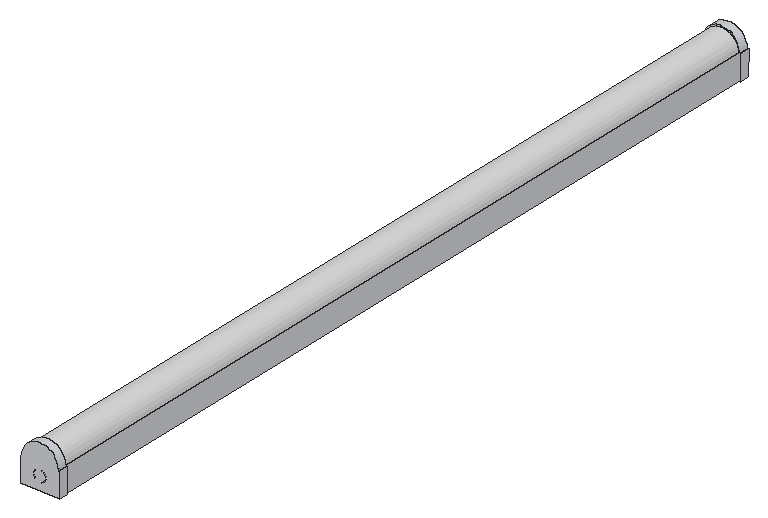
Revit family "0048927", category Lighting Fixtures, host Face, Revit 2017
Family settings
  Host = Face
  Round Connector Dimension = Use Diameter
  Part Type = Normal
  OmniClass Number = 23.80.70.00
  OmniClass Title = Lighting
  Cut with Voids When Loaded = No
  Light Source = Yes
  Shared = No
  Room Calculation Point = No
Parameters (values of type "0048927 WAYLINE 1500 DALI 8300LM 840")
  Weight = "8.0 kg"
  Wattage Comments = ""
  Wattage = 60 W
  WarrantyStartDate [instance] = "n/a"
  WarrantyGuarantorParts = "n/a"
  WarrantyDurationUnit = "n/a"
  WarrantyDurationParts = "n/a"
  WarrantyDescription = "n/a"
  WIDTH/2_SYL = 35 mm
  built-in parameter 1150110 = 1 (stored number, unit not read)
  Voltage = 0 V
  URL = "http://www.sylvania-lighting.com"
  TypeName = "Wayline 1500 DALI 8300lm 840"
  Type Image = <None>
  Type Comments = "n/a"
  built-in parameter 1114217 = 1 (stored number, unit not read)
  Tilt Angle = -90.00°
  built-in parameter 1150109 = 1 (stored number, unit not read)
  built-in parameter 1150134 = 12
  built-in parameter 1150113 = 1 (stored number, unit not read)
  SerialNumber [instance] = "n/a"
  R_HEIGHT_SYL = 44 mm
  Photometric Web File = "0048927.ies"
  Material_3_SYL = none
  PowerFactor = 0.9
  PowerConsumption = "60 W"
  NominalLength = 1523 mm
  NominalHeight = 76.5 mm
  NominalDepth = 70 mm
  Name = "Wayline 1500 DALI 8300lm 840"
  ModelReference = Name  # "Wayline 1500 DALI 8300lm 840"
  ModelNumber = "48927"
  Model = Name  # "Wayline 1500 DALI 8300lm 840"
  Material = "steel housing, pc polycarbonate diffuser"
  ManufacturerName = "Feilo Sylvania"
  Manufacturer = "Feilo Sylvania"
  LuminousEfficacy = "138 lm/W"
  built-in parameter 1150105 = -17814585.6 (stored number, unit not read)
  Lumens = 8280 lm
  LuminaireType = ""
  built-in parameter 1150115 = 1 (stored number, unit not read)
  LightOutputRatio = "n/a"
  built-in parameter 1150137 = (empty or 0)
  built-in parameter 1150139 = (empty or 0)
  LampsType = Lamp  # "LED"
  LampNominalLuminous = "8300 lm"
  LampMacAdamStep = "5"
  LampColourTemperature = "4000 K"
  LampColourRenderingIndex = "80"
  built-in parameter 1150112 = 1 (stored number, unit not read)
  built-in parameter 1150114 = 1 (stored number, unit not read)
  Lamp = "LED"
  LUM_R_SYL = 30 mm
  Keynote = "16500"
  InstallationDate [instance] = "n/a"
  InputVoltage = "n/a"
  InputNominalFrequency = "n/a"
  built-in parameter 1150132 = (empty or 0)
  built-in parameter 1150102 = (empty or 0)
  built-in parameter 1150107 = 4000 (stored number, unit not read)
  built-in parameter 1150138 = (empty or 0)
  IngressProtection = "IP20"
  ImpactProtectionIndex = "IK08"
  built-in parameter 1150106 = -178145.9 (stored number, unit not read)
  IfcExportType = "IfcLightFixtureType"
  IfcExportAs = "IfcLightFixtureType"
  HOLE_HEIGHT_SYL = 24 mm
  HEIGHT_SYL = 76.5 mm
  GAP_SYL = 2.5 mm
  Emit from Circle Diameter = 609.6 mm
  Emit Shape Visible in Rendering = no
  ElectricShockClassification = "Class I"
  built-in parameter 1150104 = 12.821 (stored number, unit not read)
  DocumentationLiterature = "http://www.sylvania-lighting.com/product/en-int/products/0048927"
  DimmingControlOptions = "n/a"
  Material_2_SYL = none
  Dimming Lamp Color Temperature Shift = <None>
  Description = "LED batten, T8 replacement, ease of installation through 2 part push-in design of the housing (safety cable included), through wiring capability, steel housing, 8300lm, 60W, 138lm/W, 4000K, CRI80, 3 step MacAdam ellipse, symmetric wide beam angle, Class I, 90000 hrs L80B20 lifespan, DALI dimmable driver, IK08, IP20, 1523 x 70 x 76.5mm (LxWxD) dimensions, 2kg weight."
  Default Elevation = 1219.2 mm
  CreatedOn = "5/25/2021"
  CreatedBy = "@sylvania-lighting.com"
  Cost = 0
  Color Filter = 16777215
  built-in parameter 1114216 [instance] = (empty or 0)
  ClassificationValue = "EF_70_80"
  ClassificationName = "Uniclass2015"
  Material_1_SYL = Dynamo
  BarCode [instance] = "n/a"
  built-in parameter 1114218 = 1 (stored number, unit not read)
  built-in parameter 1150133 = 10 (stored number, unit not read)
  AssetType = "Fixed"
  AssetIdentifier [instance] = "n/a"
  Assembly Code = "D5020200"
  Apparent Load = 60 VA
  Material_4_SYL = none
Types (8, lengths in mm): name | Weight | Wattage | TypeName | Photometric Web File | PowerFactor | PowerConsumption | Name | ModelReference | ModelNumber | Model | LuminousEfficacy | built-in parameter 1150105 | Lumens | LampNominalLuminous | built-in parameter 1150106 | built-in parameter 1150104 | DocumentationLiterature | Description | Apparent Load
  0048954 WAYLINE 1500 MWCOR 5200LM 840 | "8.28 kg" | 38 W | "Wayline 1500 MWCOR 5200lm 840" | "0048954.ies" | 0.9 | "38 W" | "Wayline 1500 MWCOR 5200lm 840" | "Wayline 1500 MWCOR 5200lm 840" | "48954" | "Wayline 1500 MWCOR 5200lm 840" | "137 lm/W" | -7017375.6 (stored number, unit not read) | 5206 lm | "5200 lm" | -70173.8 (stored number, unit not read) | 12.728 (stored number, unit not read) | "http://www.sylvania-lighting.com/product/en-int/products/0048954" | "LED batten, T8 replacement, ease of installation through 2 part push-in design of the housing (safety cable included), through wiring capability, steel housing, 5200lm, 38W, 137lm/W, 4000K, CRI80, 3 step MacAdam ellipse, symmetric wide beam angle, Class I, 90000 hrs L80B20 lifespan, non-dimmable driver, corridor function with microwave presence sensor, IK08, IP20, 1523 x 70 x 76.5mm  (L x W x H) dimensions, 2.07kg." | 38 VA
  0048935 WAYLINE 1500 MW 8400LM 840 | "7.76 kg" | 61 W | "Wayline 1500 MW 8400lm 840" | "0048935.ies" | 0.9 | "61 W" | "Wayline 1500 MW 8400lm 840" | "Wayline 1500 MW 8400lm 840" | "48935" | "Wayline 1500 MW 8400lm 840" | "138 lm/W" | -18329689.9 (stored number, unit not read) | 8418 lm | "8400 lm" | -183296.9 (stored number, unit not read) | 12.821 (stored number, unit not read) | "http://www.sylvania-lighting.com/product/en-int/products/0048935" | "LED batten, T8 replacement, ease of installation through 2 part push-in design of the housing (safety cable included), through wiring capability, steel housing, 8400lm, 61W, 138lm/W, 4000K, CRI80, 3 step MacAdam ellipse, symmetric wide beam angle, Class I, 90000 hrs L80B20 lifespan, non-dimmable driver, MW sensor for 360° detection up to 8m range at 6m mounting height, IK08, IP20, 1523 x 70 x 76.5mm (LxWxD) dimensions, 1.94kg weight." | 61 VA
  0048934 WAYLINE 1500 MW 5200LM 840 | "7.16 kg" | 37 W | "Wayline 1500 MW 5200lm 840" | "0048934.ies" | 0.9 | "37 W" | "Wayline 1500 MW 5200lm 840" | "Wayline 1500 MW 5200lm 840" | "48934" | "Wayline 1500 MW 5200lm 840" | "141 lm/W" | -7032203 (stored number, unit not read) | 5217 lm | "5200 lm" | -70322 (stored number, unit not read) | 13.099 (stored number, unit not read) | "http://www.sylvania-lighting.com/product/en-int/products/0048934" | "LED batten, T8 replacement, ease of installation through 2 part push-in design of the housing (safety cable included), through wiring capability, steel housing, 5200lm, 37W, 141lm/W, 4000K, CRI80, 3 step MacAdam ellipse, symmetric wide beam angle, Class I, 90000 hrs L80B20 lifespan, non-dimmable driver, MW sensor for 360° detection up to 8m range at 6m mounting height, IK08, IP20, 1523 x 70 x 76.5mm (LxWxD) dimensions, 1.79kg weight." | 37 VA
  0048931 WAYLINE 1500 8400LM 840 EM | "9.16 kg" | 64 W | "Wayline 1500 8400lm 840 EM" | "0048931.ies" | 1 | "64 W" | "Wayline 1500 8400lm 840 EM" | "Wayline 1500 8400lm 840 EM" | "48931" | "Wayline 1500 8400lm 840 EM" | "131 lm/W" | -18255657 (stored number, unit not read) | 8384 lm | "8400 lm" | -182556.6 (stored number, unit not read) | 12.17 (stored number, unit not read) | "http://www.sylvania-lighting.com/product/en-int/products/0048931" | "LED batten, T8 replacement, ease of installation through 2 part push-in design of the housing (safety cable included), through wiring capability, steel housing, 8400lm, 64W, 131lm/W, 4000K, CRI80, 3 step MacAdam ellipse, symmetric wide beam angle, Class I, 90000 hrs L80B20 lifespan, non-dimmable driver, 3-hour maintained emergency batteries, IK08, IP20, 1523 x 70 x 76.5mm  (L x W x H) dimensions, 2.29kg." | 64 VA
  0048930 WAYLINE 1500 5200LM 840 EM | "8.56 kg" | 41 W | "Wayline 1500 5200lm 840 EM" | "0048930.ies" | 1 | "41 W" | "Wayline 1500 5200lm 840 EM" | "Wayline 1500 5200lm 840 EM" | "48930" | "Wayline 1500 5200lm 840 EM" | "127 lm/W" | -7018723.6 (stored number, unit not read) | 5207 lm | "5200 lm" | -70187.2 (stored number, unit not read) | 11.799 (stored number, unit not read) | "http://www.sylvania-lighting.com/product/en-int/products/0048930" | "LED batten, T8 replacement, ease of installation through 2 part push-in design of the housing (safety cable included), through wiring capability, steel housing, 5200lm, 41W, 127lm/W, 4000K, CRI80, 3 step MacAdam ellipse, symmetric wide beam angle, Class I, 90000 hrs L80B20 lifespan, non-dimmable driver, 3-hour maintained emergency batteries, IK08, IP20, 1523 x 70 x 76.5mm  (L x W x H) dimensions, 2.14kg." | 41 VA
  0048927 WAYLINE 1500 DALI 8300LM 840 | "8.0 kg" | 60 W | "Wayline 1500 DALI 8300lm 840" | "0048927.ies" | 0.9 | "60 W" | "Wayline 1500 DALI 8300lm 840" | "Wayline 1500 DALI 8300lm 840" | "48927" | "Wayline 1500 DALI 8300lm 840" | "138 lm/W" | -17814585.6 (stored number, unit not read) | 8280 lm | "8300 lm" | -178145.9 (stored number, unit not read) | 12.821 (stored number, unit not read) | "http://www.sylvania-lighting.com/product/en-int/products/0048927" | "LED batten, T8 replacement, ease of installation through 2 part push-in design of the housing (safety cable included), through wiring capability, steel housing, 8300lm, 60W, 138lm/W, 4000K, CRI80, 3 step MacAdam ellipse, symmetric wide beam angle, Class I, 90000 hrs L80B20 lifespan, DALI dimmable driver, IK08, IP20, 1523 x 70 x 76.5mm (LxWxD) dimensions, 2kg weight." | 60 VA
  0048926 WAYLINE 1500 DALI 5200LM 840 | "8.0 kg" | 37 W | "Wayline 1500 DALI 5200lm 840" | "0048926.ies" | 0.9 | "37 W" | "Wayline 1500 DALI 5200lm 840" | "Wayline 1500 DALI 5200lm 840" | "48926" | "Wayline 1500 DALI 5200lm 840" | "141 lm/W" | -7032203 (stored number, unit not read) | 5217 lm | "5200 lm" | -70322 (stored number, unit not read) | 13.099 (stored number, unit not read) | "http://www.sylvania-lighting.com/product/en-int/products/0048926" | "LED batten, T8 replacement, ease of installation through 2 part push-in design of the housing (safety cable included), through wiring capability, steel housing, 5200lm, 37W, 141lm/W, 4000K, CRI80, 3 step MacAdam ellipse, symmetric wide beam angle, Class I, 90000 hrs L80B20 lifespan, DALI dimmable driver, IK08, IP20, 1523 x 70 x 76.5mm (LxWxD) dimensions, 2kg weight." | 37 VA
  0048955 WAYLINE 1500 MWCOR 8300LM 840 | "8.28 kg" | 61 W | "Wayline 1500 MWCOR 8300lm 840" | "0048955.ies" | 0.9 | "61 W" | "Wayline 1500 MWCOR 8300lm 840" | "Wayline 1500 MWCOR 8300lm 840" | "48955" | "Wayline 1500 MWCOR 8300lm 840" | "136 lm/W" | -17849009.9 (stored number, unit not read) | 8296 lm | "8300 lm" | -178490.1 (stored number, unit not read) | 12.635 (stored number, unit not read) | "http://www.sylvania-lighting.com/product/en-int/products/0048955" | "LED batten, T8 replacement, ease of installation through 2 part push-in design of the housing (safety cable included), through wiring capability, steel housing, 8300lm, 61W, 136lm/W, 4000K, CRI80, 3 step MacAdam ellipse, symmetric wide beam angle, Class I, 90000 hrs L80B20 lifespan, non-dimmable driver, corridor function with microwave presence sensor, IK08, IP20, 1523 x 70 x 76.5mm  (L x W x H) dimensions, 2.07kg." | 61 VA
Reference planes
  plane 1 "Center (Front/Back)": y = 0
  plane 2: z = 0
  plane 3 "Center (Left/Right)": x = 0
  plane 4: z = 76.5
  plane 5: x = -35
  plane 6: x = 35
  plane 7: z = 44
  plane 8: x = -32.5
  plane 9: x = 32.5
  plane 10: z = 24
  plane 11: x = 2.5
  plane 12: x = -2.5
  plane 13: z = 26.5
  plane 14: z = 21.5
  plane 15: z = 74
Forms (mm)
  Extrusion 1, solid
    sketch origin (0, 0, 0) x (1, 0, 0) y (0, 0, 1)
      loop
        arc (32.5, 44) -> (0, 76.5) -> (-32.5, 44) r 32.5
        line (-32.5, 44) -> (-35, 44) -> (-35, 0) -> (35, 0) -> (35, 44) -> (32.5, 44)
      loop
        line (2.5, 34.712) -> (2.5, 33.682)
        arc (2.5, 33.682) -> (7.071, 31.071) -> (9.682, 26.5) r 10
        line (9.682, 26.5) -> (10.712, 26.5)
        arc (10.712, 26.5) -> (7.778, 31.778) -> (2.5, 34.712) r 11
      loop
        line (-2.5, 33.682) -> (-2.5, 34.712)
        arc (-2.5, 34.712) -> (-7.778, 31.778) -> (-10.712, 26.5) r 11
        line (-10.712, 26.5) -> (-9.682, 26.5)
        arc (-9.682, 26.5) -> (-7.071, 31.071) -> (-2.5, 33.682) r 10
      loop
        line (-9.682, 21.5) -> (-10.712, 21.5)
        arc (-10.712, 21.5) -> (-7.778, 16.222) -> (-2.5, 13.288) r 11
        line (-2.5, 13.288) -> (-2.5, 14.318)
        arc (-2.5, 14.318) -> (-7.071, 16.929) -> (-9.682, 21.5) r 10
      loop
        line (2.5, 14.318) -> (2.5, 13.288)
        arc (2.5, 13.288) -> (7.778, 16.222) -> (10.712, 21.5) r 11
        line (10.712, 21.5) -> (9.682, 21.5)
        arc (9.682, 21.5) -> (7.071, 16.929) -> (2.5, 14.318) r 10
    from 745.5 to 761.5
  Extrusion 2, solid, material "Dynamo" <- "Material_1_SYL"
    sketch origin (0, 0, 0) x (1, 0, 0) y (0, 0, 1)
      loop
        line (-30, 44) -> (30, 44)
        arc (30, 44) -> (0, 74) -> (-30, 44) r 30
    from -745.5 to 745.5
  Extrusion 3, solid
    sketch origin (0, 0, 0) x (1, 0, 0) y (0, 0, 1)
      loop
        line (-32.5, 44) -> (-32.5, 0) -> (32.5, 0) -> (32.5, 44) -> (-32.5, 44)
    from -745.5 to 745.5
  Extrusion 4, solid
    sketch origin (0, 0, 0) x (1, 0, 0) y (0, 0, -1)
      loop
        line (32.5, -44) -> (35, -44) -> (35, 0) -> (-35, 0) -> (-35, -44) -> (-32.5, -44)
        arc (-32.5, -44) -> (0, -76.5) -> (32.5, -44) r 32.5
      loop
        arc (2.5, -34.712) -> (7.778, -31.778) -> (10.712, -26.5) r 11
        line (10.712, -26.5) -> (9.682, -26.5)
        arc (9.682, -26.5) -> (7.071, -31.071) -> (2.5, -33.682) r 10
        line (2.5, -33.682) -> (2.5, -34.712)
      loop
        arc (-2.5, -33.682) -> (-7.071, -31.071) -> (-9.682, -26.5) r 10
        line (-9.682, -26.5) -> (-10.712, -26.5)
        arc (-10.712, -26.5) -> (-7.778, -31.778) -> (-2.5, -34.712) r 11
        line (-2.5, -34.712) -> (-2.5, -33.682)
      loop
        arc (-9.682, -21.5) -> (-7.071, -16.929) -> (-2.5, -14.318) r 10
        line (-2.5, -14.318) -> (-2.5, -13.288)
        arc (-2.5, -13.288) -> (-7.778, -16.222) -> (-10.712, -21.5) r 11
        line (-10.712, -21.5) -> (-9.682, -21.5)
      loop
        arc (2.5, -14.318) -> (7.071, -16.929) -> (9.682, -21.5) r 10
        line (9.682, -21.5) -> (10.712, -21.5)
        arc (10.712, -21.5) -> (7.778, -16.222) -> (2.5, -13.288) r 11
        line (2.5, -13.288) -> (2.5, -14.318)
    from 745.5 to 761.5
Dimensions and locks
  "HEIGHT_SYL": plane 4 to host face
  "WIDTH/2_SYL": plane 6 to plane 3 "Center (Left/Right)" to plane 5
  "R_HEIGHT_SYL": plane 7 to host face
  "GAP_SYL": plane 8 to plane 5
  "GAP_SYL": plane 6 to plane 9
  "HOLE_HEIGHT_SYL": plane 10 to host face
  "GAP_SYL": plane 13 to plane 10 to plane 14
  "GAP_SYL": plane 11 to plane 3 "Center (Left/Right)" to plane 12
  "LUM_R_SYL": plane 15 to plane 7
  aligned and locked: plane 2 to host face
  aligned and locked: level to host face
Automatic sketch dimensions
  host sketch curve to host sketch curve = 2438.4 mm  (x2)
  Extrusion 1 sketch curve to Extrusion 1 sketch curve = 0 mm  (x58)
  Extrusion 1 sketch curve to level = 0 mm
  Extrusion 1 sketch curve to plane 5 = 0 mm
  Extrusion 1 sketch curve to plane 7 = 0 mm
  Extrusion 1 sketch curve to plane 8 = 0 mm
  Extrusion 1 sketch curve to plane 13 = 0 mm  (x2)
  Extrusion 1 sketch curve to plane 14 = 0 mm  (x2)
  Extrusion 1 sketch curve to plane 12 = 0 mm  (x2)
  Extrusion 1 sketch curve to plane 3 "Center (Left/Right)" = 0 mm  (x2)
  Extrusion 1 sketch curve to plane 11 = 0 mm  (x2)
  Extrusion 1 sketch curve to plane 6 = 0 mm
  Extrusion 1 sketch curve to plane 10 = 0 mm
  Extrusion 1 sketch curve to plane 12 = 8.212 mm
  Extrusion 1 sketch curve to Extrusion 1 sketch curve = 1.03 mm  (x4)
  plane 11 to Extrusion 1 sketch curve = 7.182 mm
  Extrusion 2 sketch curve to plane 7 = 0 mm
  Extrusion 2 sketch curve to plane 3 "Center (Left/Right)" = 0 mm
  plane 8 to Extrusion 2 sketch curve = 2.5 mm
  Extrusion 3 sketch curve to level = 0 mm
  Extrusion 3 sketch curve to plane 8 = 0 mm
  Extrusion 3 sketch curve to plane 9 = 0 mm
  Extrusion 3 sketch curve to plane 7 = 0 mm
  Extrusion 4 sketch curve to Extrusion 4 sketch curve = 0 mm  (x58)
  Extrusion 4 sketch curve to level = 0 mm
  Extrusion 4 sketch curve to plane 5 = 0 mm
  Extrusion 4 sketch curve to plane 7 = 0 mm
  Extrusion 4 sketch curve to plane 8 = 0 mm
  Extrusion 4 sketch curve to plane 13 = 0 mm  (x2)
  Extrusion 4 sketch curve to plane 14 = 0 mm  (x2)
  Extrusion 4 sketch curve to plane 12 = 0 mm  (x2)
  Extrusion 4 sketch curve to plane 3 "Center (Left/Right)" = 0 mm  (x2)
  Extrusion 4 sketch curve to plane 11 = 0 mm  (x2)
  Extrusion 4 sketch curve to plane 6 = 0 mm
  Extrusion 4 sketch curve to plane 10 = 0 mm
  Extrusion 4 sketch curve to plane 12 = 8.212 mm
  Extrusion 4 sketch curve to Extrusion 4 sketch curve = 1.03 mm  (x4)
  plane 11 to Extrusion 4 sketch curve = 7.182 mm
Connectors
  electrical at (0, -761.5, 29.333)
    settings: on Extrusion 1, index 1, voltage 0 V, apparent load 0 VA, apparent load phase1 0 VA, apparent load phase2 0 VA, apparent load phase3 0 VA, power factor 1, load classification "Other", number of poles 1, system type 31, power factor state 1, is connector primary yes, connector utility no, sub classification motor no, connector description ""
